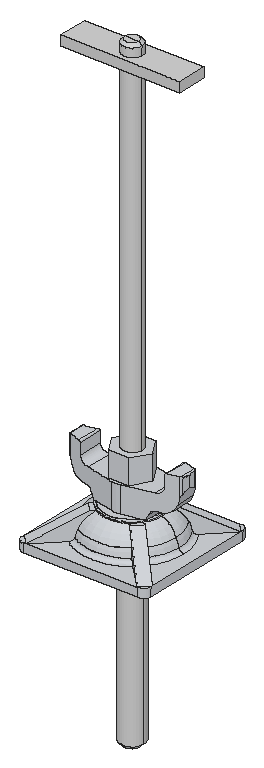
Revit family "STR_CONE-WALER TIE 90_1901250", category Generic Models, Revit 2018
Family settings
  Can host rebar = No
  Round Connector Dimension = Use Diameter
  Part Type = Normal
  OmniClass Number = 35.51.14.00
  OmniClass Title = FORMWORK
  Work Plane-Based = Yes
  Always vertical = No
  Cut with Voids When Loaded = No
  Shared = Yes
  Room Calculation Point = No
Parameters
  VERSION = "20170217"  # constant formula
  URL = "www.ulmaconstruction.com/en"
  UNICLASS = ""
  Manufacturer = "ULMA CONSTRUCTION"  # constant formula
  LENGTH [instance] = 180.000 mm
  ITEM_LENGTH [instance] = if(LENGTH < 160.000 mm, 160.000 mm, if(LENGTH < 525.000 mm, LENGTH, 525.000 mm))  # 180.000 mm
  ITEM_CODE = "1901250"
  FILTER [instance] = ""
  Default Elevation = 0.000 mm
  CLASSIFICATION_TITLE = ""
  CLASSIFICATION_NUMBER = ""
Reference planes
  plane 1 "Centro (Frontal/Posterior)": y = 0
  plane 2: z = 0
  plane 3 "Centro (Izquierda/Derecha)": x = 0
  plane 4 "ITEM_LENGTH": z = 0
  plane 5: z = -180
  plane 6 "LENGTH": z = 0
Forms (mm)
  Revolve 1, solid, material "ULMA ZINC"
    sketch origin (0, 0, 0) x (1, 0, 0) y (0, 0, 1)
      loop
        line (0, 455) -> (-7, 455) -> (-10, 452) -> (-10, -26.536) -> (-12, -30) -> (-12, -177) -> (-9, -180) -> (0, -180) -> (0, 455)
      axis (0, 455) -> (0, -180)
    angle from 0 to 360
  Extrusion 2, solid, material "ULMA ZINC", detail levels fine
    sketch origin (0, 0, 0) x (1, 0, 0) y (0, 0, 1)
      loop
        line (-60, 444) -> (-60, 434) -> (60, 434) -> (60, 444) -> (-60, 444)
    from -15 to 15
Dimensions and locks
  locked: plane 2 to plane 5 at 180
  "ITEM_LENGTH": plane 4 "ITEM_LENGTH" to plane 5
  locked: Revolve 1 to plane 5 at 635
  locked: Revolve 1 to Extrusion 2 at 11
  locked: Extrusion 2 to Extrusion 2 at 10
  "LENGTH": plane 6 "LENGTH" to plane 5
  aligned and locked: level to plane 2
Automatic sketch dimensions
  Revolve 1 sketch curve to plane 5 = 0.000 mm
  Revolve 1 sketch curve to plane 3 "Centro (Izquierda/Derecha)" = 0.000 mm  (x2)
  Revolve 1 sketch curve to plane 3 "Centro (Izquierda/Derecha)" = 7.000 mm
  Revolve 1 sketch curve to plane 3 "Centro (Izquierda/Derecha)" = 9.000 mm
  Revolve 1 sketch curve to plane 3 "Centro (Izquierda/Derecha)" = 10.000 mm
  Revolve 1 sketch curve to Revolve 1 sketch curve = 2.000 mm
  plane 5 to Revolve 1 sketch curve = 3.000 mm
  Revolve 1 sketch curve to level = 30.000 mm
  Revolve 1 sketch curve to Revolve 1 sketch curve = 3.464 mm
  plane 4 "ITEM_LENGTH" to Revolve 1 sketch curve = 452.000 mm
  Revolve 1 sketch curve to Revolve 1 sketch curve = 3.000 mm
  Revolve 1 sketch curve to Revolve 1 sketch curve = 186.045 mm
  Revolve 1 sketch curve to Revolve 1 sketch curve = 1759.315 mm
  Extrusion 2 sketch curve to plane 3 "Centro (Izquierda/Derecha)" = 60.000 mm
  plane 3 "Centro (Izquierda/Derecha)" to Extrusion 2 sketch curve = 60.000 mm
  plane 4 "ITEM_LENGTH" to Extrusion 2 sketch curve = 434.000 mm
  Extrusion 2 sketch curve to Extrusion 2 sketch curve = 10.000 mm
Nested families
  nested 1: "TUERCA PLACA CAMPANA 20 - 1905160_ANCHOR" at (0, 0, 0), type "TUERCA PLACA CAMPANA 20 - 1905160_ANCHOR"
    with FILTER ""
Definition of nested family "TUERCA PLACA CAMPANA 20 - 1905160_ANCHOR"
  Parameters (values of type "TUERCA PLACA CAMPANA 20 - 1905160_ANCHOR")
    VERSION = "20170217"  # constant formula
    URL = "www.ulmaconstruction.com/en"
    UNICLASS = ""
    Manufacturer = "ULMA CONSTRUCTION"  # constant formula
    ITEM_CODE = "1905160"
    FILTER [instance] = ""
    Default Elevation = 0.000 mm
    CLASSIFICATION_TITLE = ""
    CLASSIFICATION_NUMBER = ""
  Reference planes
    plane 1 "Centro (Frontal/Posterior)": y = 0
    plane 2: z = 0
    plane 3 "Centro (Izquierda/Derecha)": x = 0
    plane 4 "SECTION": through (-43.557, -43.557, 1200) normal (-0.7071, 0.7071, 0)
  Forms (mm)
    Extrusion 1, solid
      sketch origin (0, 0, 0) x (1, 0, 0) y (0, 1, 0)
        loop
          spline (-57.51, 65) -> (-58.489, 64.936) -> (-59.45, 64.745) -> (-60.378, 64.43) -> (-61.257, 63.997) -> (-62.071, 63.453) -> (-62.808, 62.808) -> (-63.453, 62.071) -> (-63.997, 61.257) -> (-64.43, 60.378) -> (-64.745, 59.45) -> (-64.936, 58.489) -> (-65, 57.51)
          line (-65, 57.51) -> (-65, -57.51)
          spline (-65, -57.51) -> (-64.936, -58.489) -> (-64.745, -59.45) -> (-64.43, -60.378) -> (-63.997, -61.257) -> (-63.453, -62.071) -> (-62.808, -62.808) -> (-62.071, -63.453) -> (-61.257, -63.997) -> (-60.378, -64.43) -> (-59.45, -64.745) -> (-58.489, -64.936) -> (-57.51, -65)
          line (-57.51, -65) -> (57.51, -65)
          spline (57.51, -65) -> (58.489, -64.936) -> (59.45, -64.745) -> (60.378, -64.43) -> (61.257, -63.997) -> (62.071, -63.453) -> (62.808, -62.808) -> (63.453, -62.071) -> (63.997, -61.257) -> (64.43, -60.378) -> (64.745, -59.45) -> (64.936, -58.489) -> (65, -57.51)
          line (65, -57.51) -> (65, 57.51)
          spline (65, 57.51) -> (64.936, 58.489) -> (64.745, 59.45) -> (64.43, 60.378) -> (63.997, 61.257) -> (63.453, 62.071) -> (62.808, 62.808) -> (62.071, 63.453) -> (61.257, 63.997) -> (60.378, 64.43) -> (59.45, 64.745) -> (58.489, 64.936) -> (57.51, 65)
          line (57.51, 65) -> (-57.51, 65)
      from 0 to 8.5
    Revolve 2, solid, detail levels fine
      sketch origin (0, 0, 0) x (1, 0, 0) y (0, 0, 1)
        loop
          line (-0.003, 37) -> (-29.003, 37)
          arc (-29.003, 37) -> (-29.71, 36.707) -> (-30.003, 36) r 1
          line (-30.003, 36) -> (-30.003, 34.976)
          arc (-30.003, 34.976) -> (-38.298, 28.908) -> (-44.241, 20.524) r 32
          arc (-44.241, 20.524) -> (-45.842, 16.624) -> (-46.916, 12.547) r 32
          arc (-46.916, 12.547) -> (-48.644, 9.642) -> (-51.825, 8.5) r 5
          line (-51.825, 8.5) -> (-0.003, 8.5) -> (-0.003, 37)
        axis (-0.003, 37) -> (-0.003, 8.5)
      angle from 0 to 360
    Extrusion 3, solid, detail levels fine
      sketch origin (0, 0, 0) x (1, 0, 0) y (0, 0, 1)
        loop
          line (33.549, 63) -> (-33.549, 63)
          spline (-33.549, 63) -> (-34.694, 63.063) -> (-35.811, 63.252) -> (-36.882, 63.562) -> (-37.891, 63.99) -> (-38.823, 64.529) -> (-39.662, 65.171) -> (-40.395, 65.904) -> (-41.011, 66.719) -> (-41.501, 67.602) -> (-41.856, 68.539) -> (-42.072, 69.515) -> (-42.144, 70.516)
          line (-42.144, 70.516) -> (-42.144, 81.121)
          spline (-42.144, 81.121) -> (-42.162, 81.371) -> (-42.216, 81.615) -> (-42.305, 81.85) -> (-42.427, 82.07) -> (-42.581, 82.274) -> (-42.764, 82.457) -> (-42.974, 82.618) -> (-43.207, 82.752) -> (-43.459, 82.859) -> (-43.727, 82.937) -> (-44.006, 82.984) -> (-44.293, 83)
          line (-44.293, 83) -> (-55.514, 83)
          spline (-55.514, 83) -> (-55.774, 82.983) -> (-56.029, 82.932) -> (-56.275, 82.849) -> (-56.508, 82.733) -> (-56.723, 82.589) -> (-56.918, 82.417) -> (-57.089, 82.221) -> (-57.232, 82.004) -> (-57.347, 81.77) -> (-57.43, 81.523) -> (-57.48, 81.266) -> (-57.497, 81.005)
          line (-57.497, 81.005) -> (-57.497, 70) -> (-53.711, 57.614)
          arc (-53.711, 57.614) -> (-48.288, 49.942) -> (-39.366, 47) r 15
          line (-39.366, 47) -> (-34.202, 47)
          arc (-34.202, 47) -> (-31.303, 46.074) -> (-29.478, 43.637) r 5
          arc (-29.478, 43.637) -> (-28.05, 40.218) -> (-26.212, 37) r 30
          line (-26.212, 37) -> (26.212, 37)
          arc (26.212, 37) -> (28.05, 40.218) -> (29.478, 43.637) r 30
          arc (29.478, 43.637) -> (31.303, 46.074) -> (34.202, 47) r 5
          line (34.202, 47) -> (39.366, 47)
          arc (39.366, 47) -> (48.288, 49.942) -> (53.711, 57.614) r 15
          line (53.711, 57.614) -> (57.497, 70) -> (57.497, 81.005)
          spline (57.497, 81.005) -> (57.48, 81.266) -> (57.43, 81.523) -> (57.347, 81.77) -> (57.232, 82.004) -> (57.089, 82.221) -> (56.918, 82.417) -> (56.723, 82.589) -> (56.508, 82.733) -> (56.275, 82.849) -> (56.029, 82.932) -> (55.774, 82.983) -> (55.514, 83)
          line (55.514, 83) -> (44.293, 83)
          spline (44.293, 83) -> (44.006, 82.984) -> (43.727, 82.937) -> (43.459, 82.859) -> (43.207, 82.752) -> (42.974, 82.618) -> (42.764, 82.457) -> (42.581, 82.274) -> (42.427, 82.07) -> (42.305, 81.85) -> (42.216, 81.615) -> (42.162, 81.371) -> (42.144, 81.121)
          line (42.144, 81.121) -> (42.144, 70.516)
          spline (42.144, 70.516) -> (42.072, 69.515) -> (41.856, 68.539) -> (41.501, 67.602) -> (41.011, 66.719) -> (40.395, 65.904) -> (39.662, 65.171) -> (38.823, 64.529) -> (37.891, 63.99) -> (36.882, 63.562) -> (35.811, 63.252) -> (34.694, 63.063) -> (33.549, 63)
      from -25 to 25
    Extrusion 4, solid, detail levels fine
      sketch origin (0, 0, 0) x (1, 0, 0) y (0, 1, 0)
        loop
          line (10.104, 17.5) -> (-10.104, 17.5) -> (-20.207, 0) -> (-10.104, -17.5) -> (10.104, -17.5) -> (20.207, 0) -> (10.104, 17.5)
      from 63 to 87.908
    Extrusion 5, void
      sketch origin (0, 0, 0) x (1, 0, 0) y (0, 1, 0)
        loop
          line (4.705, 20.466) -> (55.339, 8.826)
          arc (55.339, 8.826) -> (56.4, 8.19) -> (56.883, 7.051) r 2
          line (56.883, 7.051) -> (57.5, 0) -> (62.5, 0) -> (62.5, 30) -> (-62.5, 30) -> (-62.5, 0) -> (-57.5, 0) -> (-56.883, 7.051)
          arc (-56.883, 7.051) -> (-56.4, 8.19) -> (-55.339, 8.826) r 2
          line (-55.339, 8.826) -> (-4.705, 20.466)
          arc (-4.705, 20.466) -> (0, 21) -> (4.705, 20.466) r 21
      from 37 to 87.908
    Extrusion 6, void
      sketch origin (0, 0, 0) x (1, 0, 0) y (0, 1, 0)
        loop
          arc (4.705, -20.466) -> (0, -21) -> (-4.705, -20.466) r 21
          line (-4.705, -20.466) -> (-55.339, -8.826)
          arc (-55.339, -8.826) -> (-56.4, -8.19) -> (-56.883, -7.051) r 2
          line (-56.883, -7.051) -> (-57.5, 0) -> (-62.5, 0) -> (-62.5, -30) -> (62.5, -30) -> (62.5, 0) -> (57.5, 0) -> (56.883, -7.051)
          arc (56.883, -7.051) -> (56.4, -8.19) -> (55.339, -8.826) r 2
          line (55.339, -8.826) -> (4.705, -20.466)
      from 37 to 87.908
    Extrusion 7, solid, detail levels fine
      sketch origin (0, 0, 0) x (-0.707107, -0.707107, 0) y (0, 0, 1)
        loop
          line (85.193, 8.5) -> (33.92, 34.976) -> (-33.92, 34.976) -> (-85.193, 8.5) -> (85.193, 8.5)
      from -6 to 6
    Extrusion 8, solid, detail levels fine
      sketch origin (0, 0, 0) x (0.707107, -0.707107, 0) y (0, 0, -1)
        loop
          line (85.193, -8.5) -> (-85.193, -8.5) -> (-33.92, -34.976) -> (33.92, -34.976) -> (85.193, -8.5)
      from -6 to 6
  Cuts and joins
    Extrusion 5, Extrusion 6 cuts Extrusion 3
    joined: Revolve 2, Extrusion 3, Extrusion 4, Extrusion 8
  Lines and regions (mm)
    model lines, detail levels fine
      curve 1: circle (0, 0, 87.908) r 10 normal (0, 0, 1)
  Dimensions and locks
    aligned and locked: level to plane 2
